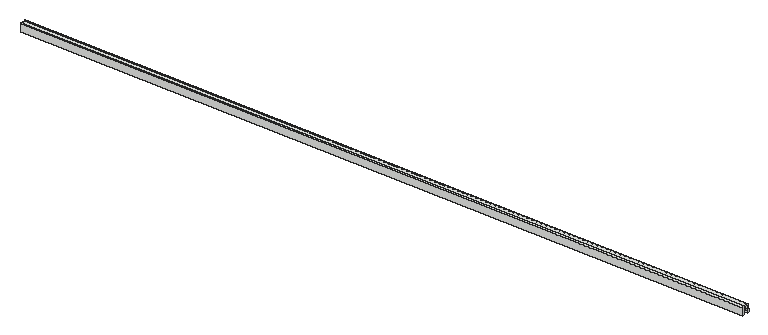
Revit family "profiles RP11P 2015", category Generic Models, Revit 2015
Parameters (values of type "ISOLAMIN PR11P flashing")
  Profile Length [instance] = 1180 mm
Reference planes
  plane 1 "Center (Front/Back)": y = 0
  plane 2: z = 0
  plane 3 "Center (Left/Right)": x = 0
  plane 4: x = 1180
Forms (mm)
  Extrusion 1, solid, material "ISOLAMIN Surface Material"
    sketch origin (0, 3.686, -3.956) x (0, 1, 0) y (0, 0, 1)
      loop
        line (-4.686, 9.456) -> (-5.686, 9.456) -> (-4.686, 6.456) -> (-4.686, 3.956) -> (-3.686, 3.956) -> (-3.686, 15.456)
        arc (-3.686, 15.456) -> (-4.128, 16.314) -> (-4.986, 16.756) r 1.584
        line (-4.986, 16.756) -> (-13.386, 16.756)
        arc (-13.386, 16.756) -> (-14.271, 16.341) -> (-14.686, 15.456) r 1.439
        line (-14.686, 15.456) -> (-14.686, 3.956) -> (-13.686, 3.956) -> (-13.686, 6.456) -> (-12.686, 9.456) -> (-13.686, 9.456) -> (-13.686, 15.256)
        arc (-13.686, 15.256) -> (-13.54, 15.61) -> (-13.186, 15.756) r 0.5
        line (-13.186, 15.756) -> (-5.186, 15.756)
        arc (-5.186, 15.756) -> (-4.833, 15.61) -> (-4.686, 15.256) r 0.5
        line (-4.686, 15.256) -> (-4.686, 9.456)
    from 0 to 1180
Dimensions and locks
  "Profile Length": plane 3 "Center (Left/Right)" to plane 4
  level to Extrusion 1 = 5.5 mm
  aligned and locked: level to plane 2
  aligned and locked: plane 4 to Extrusion 1
Automatic sketch dimensions
  plane 1 "Center (Front/Back)" to Extrusion 1 sketch curve = 2 mm
  Extrusion 1 sketch curve to Extrusion 1 sketch curve = 1 mm  (x4)
  level to Extrusion 1 sketch curve = 5.5 mm
  Extrusion 1 sketch curve to Extrusion 1 sketch curve = 0 mm
  Extrusion 1 sketch curve to Extrusion 1 sketch curve = 3 mm
  Extrusion 1 sketch curve to Extrusion 1 sketch curve = 5.8 mm  (x2)
  Extrusion 1 sketch curve to Extrusion 1 sketch curve = 2.5 mm  (x2)
  Extrusion 1 sketch curve to Extrusion 1 sketch curve = 0.2 mm  (x2)
  Extrusion 1 sketch curve to Extrusion 1 sketch curve = 0.562 mm
  Extrusion 1 sketch curve to Extrusion 1 sketch curve = 0.062 mm  (x2)
  Extrusion 1 sketch curve to Extrusion 1 sketch curve = 0.3 mm
  Extrusion 1 sketch curve to Extrusion 1 sketch curve = 7.938 mm
  Extrusion 1 sketch curve to Extrusion 1 sketch curve = 0.067 mm  (x2)
  Extrusion 1 sketch curve to Extrusion 1 sketch curve = 0.433 mm
  Extrusion 1 sketch curve to Extrusion 1 sketch curve = 1.433 mm
  level to Extrusion 1 sketch curve = 0 mm
